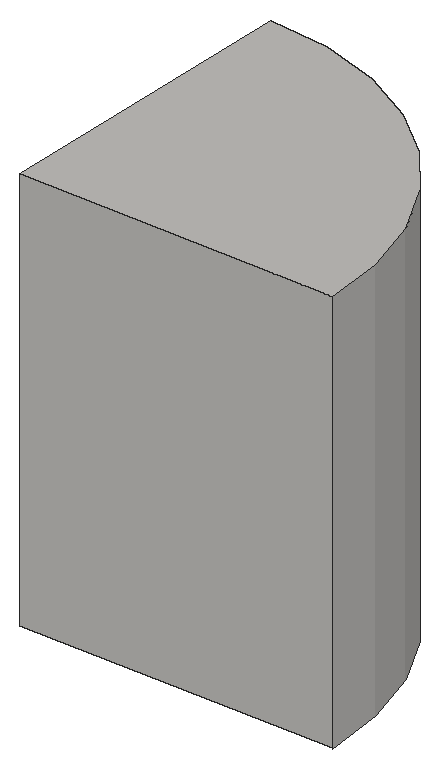
Revit family "Bench_Curved_Noble", category Specialty Equipment, host Face, Revit 2015
Parameters (values of type "Curved #406")
  Width = 32 1/2"
  URL = "www.noblecompany.com"
  Type Comments = ""
  Triangle = yes
  Tile [instance] = Stainless Steel - Brushed
  Radius = 15 1/2"
  Product Properties = "http://www.noblecompany.com/Portals/0/PRODUCT%20INFO/Product%20Descriptions/FreeStyle%20Linear%20Drain%20Product%20Decription%200410.pdf"
  Product Data = "http://www.noblecompany.com/Products/ShowerProducts/tabid/59/Default.aspx"
  Model = ""
  Manufacturer Phone - Toll Free = "800-878-5788"
  Manufacturer Phone = "231-799-8000"
  Manufacturer Fax = "231-799-8850"
  Manufacturer Email = "mailto:sales@noblecompany.com"
  Manufacturer Address = "7300 Enterprise Drive, Spring Lake, MI  49456 USA"
  Manufacturer = "Noble Company"
  Length = 32 1/2"
  Installation-Fabrication = "http://www.noblecompany.com/Portals/0/PRODUCT%20INFO/Product%20Descriptions/FreeStyle%20Linear%20Drain%20Product%20Decription%200410.pdf"
  Height = 20"
  Description = ""
  Building Codes = "http://www.noblecompany.com/Portals/0/TECHNICAL%20INFO/Listing_Testing_Certification_Reports/PMG-1065%20Noble%20Company%20Linear%20Drain%20final%202.pdf"
  Base = Polymer coated Expanded Polystyrene
  Assembly Code = "D2030300"
  Default Elevation = 0"
Reference planes (in)
  plane 1 "Center (Front/Back)": y = 0
  plane 2: z = 0
  plane 3 "Center (Left/Right)": x = 0
  plane 4: x = 15.5
  plane 5: y = 15.5
  plane 6: z = 20
Forms (in)
  Extrusion 1, solid, material "Polymer coated Expanded Polystyrene" <- "Base"
    sketch origin (0, 0, 0) x (1, 0, 0) y (0, 1, 0)
      loop
        line (0, 0) -> (15.5, 0)
        arc (15.5, 0) -> (10.96016, 10.96016) -> (0, 15.5) r 15.5
        line (0, 15.5) -> (0, 0)
    from 0 to 20
Dimensions and locks (in)
  "Height": plane 6 to level
  "Radius": plane 1 "Center (Front/Back)" to plane 5
  "Radius": plane 3 "Center (Left/Right)" to plane 4
  aligned and locked: plane 2 to host face
  aligned and locked: level to host face
  aligned and locked: plane 1 "Center (Front/Back)" to Extrusion 1 sketch curve
  aligned and locked: plane 6 to Extrusion 1
Automatic sketch dimensions
  host sketch curve to host sketch curve = 56 1/2"
  host sketch curve to host sketch curve = 49.54642"
  Extrusion 1 sketch curve to plane 3 "Center (Left/Right)" = 0"
  Extrusion 1 sketch curve to plane 4 = 0"
